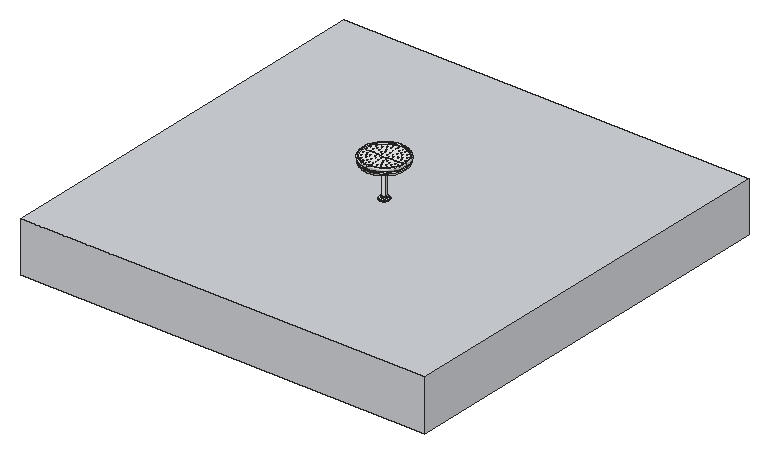
Revit family
Parameters (values of type "Metal-CP-Polished_Chrome")
  Width [instance] = 0' - 10 7/16"
  URL = "http://www.us.kohler.com"
  Showerhead Supply Pipe Radius = 0' 0 1/2"  # 1/2"
  Showerhead Supply Pipe Diameter = Showerhead Supply Pipe Radius * 2  # 1"
  Showerhead Supply = "Showerhead Supply"  # constant formula
  Product Page URL = "http://www.us.kohler.com/onlinecatalog/detail.jsp?prod_num=13693"
  Product Documentation Link = "http://www.us.kohler.com/onlinecatalog/pdf/1142015_4.pdf"
  Model = "K-13693"  # constant formula
  Manufacturer = "Kohler"  # constant formula
  Length [instance] = 0' - 9.21893"
  Height [instance] = 0' - 10 7/16"
  Finish = Metal-Kohler-CP-Polished Chrome
  Description = "10in Traditional round rainhead with Katalyst spray technology"  # constant formula
  Default Elevation = 0' - 0"
  Created By = "http://medialab3dstudio.com"
  Assembly Code = "C1030200"
Reference planes (in)
  plane 1 "Center (Front/Back)": y = 0
  plane 2 "Back": z = 0
  plane 3 "Center (Left/Right)": x = 0
  plane 4 "Left": x = -5.21875
  plane 5 "Right": x = 5.21875
  plane 6 "Top": y = 5.21875
  plane 7 "Bottom": y = -5.21875
  plane 8 "Front": z = 9.21893
Forms (in)
  Extrusion 1, solid
    sketch origin (0, 0, 0) x (1, 0, 0) y (0, 1, 0)
      loop
        line (-48, 48) -> (-48, -48) -> (48, -48) -> (48, 48) -> (-48, 48)
    from 0 to -12
  Extrusion 2, solid, material "Metal-Kohler-CP-Polished Chrome" <- "Finish", not visible
    sketch origin (0, 0, 0) x (1, 0, 0) y (0, 1, 0)
      loop
        circle (0, 0) r 0.5
    from 0 to 0.13239
Dimensions and locks (in)
  equal spacing: plane 4 "Left", plane 3 "Center (Left/Right)", plane 5 "Right", locked at 5.21875 each
  "Width": plane 4 "Left" to plane 5 "Right"
  equal spacing: plane 6 "Top", plane 1 "Center (Front/Back)", plane 7 "Bottom", locked at 5.21875 each
  "Height": plane 6 "Top" to plane 7 "Bottom"
  "Length": plane 8 "Front" to plane 2 "Back"
  "Showerhead Supply Pipe Radius": radius of Extrusion 2 sketch curve
  aligned and locked: plane 2 "Back" to Extrusion 1
  aligned and locked: level to Extrusion 1
Automatic sketch dimensions
  Extrusion 1 sketch curve to Extrusion 1 sketch curve = 8' - 0"  (x2)
  plane 1 "Center (Front/Back)" to Extrusion 2 sketch curve = 0' - 0"
  Extrusion 2 sketch curve to plane 3 "Center (Left/Right)" = 0' - 0"
Nested families (in)
  nested 1: "13693-base" at (0, 0, 0), type "13693-base"
Connectors (in)
  piping at (0, 0, 0), driven by "Showerhead Supply Pipe Radius", driven by "Showerhead Supply"
    settings: on Extrusion 2, index 1, connector radius 1/2", flow factor 0, pipe flow 2.5 GPM, pressure drop 0.00 psi, fitting loss kfactor 0, connector angle 0.00°, fixture units 0, flow configuration 0, flow direction 1, fitting loss method 0, system type 7, connector reference index -1, connector utility 0, adjustable connector yes, is connector primary yes, fitting loss table "", connector description "Showerhead Supply"
Definition of nested family "13693-base"
  Parameters (values of type "13693-base")
    w = 0' - 10 7/16"
    l = 0' - 10 7/16"
    d = 15.00°
    Finish = Metal-Kohler-CP-Polished Chrome
    Assembly Code = ""
  Reference planes (in)
    plane 1 "Center (Front/Back)": y = 0
    plane 2 "Top": z = 0
    plane 3 "Center (Left/Right)": x = 0
    plane 4 "Back": y = 5.21875
    plane 5 "Bottom": z = 9.21893
    plane 6 "Front": y = -5.21875
    plane 7 "Left": x = -5.21875
    plane 8 "Right": x = 5.21875
  Forms (in)
    Revolve 1, solid, material "Metal-Kohler-CP-Polished Chrome" <- "Finish", detail levels fine
      sketch origin (0, 0, 0) x (1, 0, 0) y (0, 0, 1)
        loop
          line (0, 0) -> (0, 8.98595) -> (-4.85058, 8.98595) -> (-4.88473, 9.17853)
          arc (-4.88473, 9.17853) -> (-4.912, 9.20803) -> (-4.95066, 9.21893) r 0.074
          line (-4.95066, 9.21893) -> (-5.02892, 9.21893)
          arc (-5.02892, 9.21893) -> (-5.21528, 8.98286) -> (-5.10859, 8.70165) r 0.30508
          line (-5.10859, 8.70165) -> (-5.11067, 8.38226) -> (-5.13129, 8.35798) -> (-5.12321, 8.17266) -> (-5.08485, 8.15638) -> (-5.05154, 8.15638) -> (-5.0425, 8.02528)
          arc (-5.0425, 8.02528) -> (-4.97739, 7.83063) -> (-4.83066, 7.68711) r 0.43745
          line (-4.83066, 7.68711) -> (-1.16718, 6.99244) -> (-0.911, 6.84126) -> (-0.85695, 6.84126) -> (-0.85695, 6.71126) -> (-0.4342, 6.71126)
          arc (-0.4342, 6.71126) -> (-0.3884, 6.64798) -> (-0.33168, 6.59427) r 0.42051
          arc (-0.33168, 6.59427) -> (-0.31105, 6.53447) -> (-0.34737, 6.48267) r 0.06959
          arc (-0.34737, 6.48267) -> (-0.40752, 6.44788) -> (-0.45457, 6.39676) r 0.23054
          line (-0.45457, 6.39676) -> (-0.45457, 6.27111) -> (-0.47404, 5.66968) -> (-0.49391, 5.64514) -> (-0.49452, 5.5478) -> (-0.48212, 5.51857) -> (-0.40625, 5.51857) -> (-0.40625, 0.68857) -> (-0.55463, 0.68857)
          arc (-0.55463, 0.68857) -> (-0.59423, 0.66979) -> (-0.61033, 0.62902) r 0.05969
          line (-0.61033, 0.62902) -> (-0.61033, 0.37506)
          arc (-0.61033, 0.37506) -> (-0.62521, 0.3209) -> (-0.67086, 0.28818) r 0.08414
          line (-0.67086, 0.28818) -> (-1.09221, 0.16628)
          arc (-1.09221, 0.16628) -> (-1.11018, 0.15258) -> (-1.11901, 0.13178) r 0.04413
          line (-1.11901, 0.13178) -> (-1.11901, 0.03783)
          arc (-1.11901, 0.03783) -> (-1.10635, 0.01266) -> (-1.08117, 0) r 0.04486
          line (-1.08117, 0) -> (0, 0)
        axis (0, 9.21893) -> (0, 0)
      angle from 0 to 360
    Extrusion 2, void
      sketch origin (0, 0, 9.21893) x (-1, 0, 0) y (0, -1, 0)
        loop
          circle (0, 0) r 0.5
      from -9.21893 to -9.05265
    Extrusion 3, solid, material "Metal-Kohler-CP-Polished Chrome" <- "Finish", detail levels coarse+medium
      sketch origin (0, 0, 0) x (1, 0, 0) y (0, 1, 0)
        loop
          line (-5.21875, 5.21875) -> (-5.21875, -5.21875) -> (5.21875, -5.21875) -> (5.21875, 5.21875) -> (-5.21875, 5.21875)
      from 0 to 9.21893
    Extrusion 4, void
      sketch origin (0, 0, 0) x (1, 0, 0) y (0, 1, 0)
        loop
          circle (0, 4.24803) r 0.07254
        loop
          circle (0, 3.40211) r 0.07254
        loop
          circle (0, 2.55231) r 0.07254
        loop
          circle (0, 1.70174) r 0.07254
        loop
          circle (0, 0.84955) r 0.07254
        loop
          circle (0.73573, 0.42478) r 0.07254
        loop
          circle (0.85087, 1.47375) r 0.07254
        loop
          circle (1.27616, 2.21037) r 0.07254
        loop
          circle (1.70105, 2.94631) r 0.07254
        loop
          circle (2.12402, 3.67891) r 0.07254
        loop
          circle (1.09947, 4.10329) r 0.07254
        loop
          circle (0.88053, 3.28619) r 0.07254
        loop
          circle (2.40565, 2.40566) r 0.07254
        loop
          circle (3.00381, 3.00381) r 0.07254
        loop
          circle (3.6789, 2.12402) r 0.07254
        loop
          circle (2.94631, 1.70106) r 0.07254
        loop
          circle (2.21037, 1.27616) r 0.07254
        loop
          circle (1.47374, 0.85087) r 0.07254
        loop
          circle (1.70174, 0) r 0.07254
        loop
          circle (2.55231, 0) r 0.07254
        loop
          circle (3.40211, 0) r 0.07254
        loop
          circle (4.24803, 0) r 0.07254
        loop
          circle (4.10329, -1.09947) r 0.07254
        loop
          circle (3.28619, -0.88053) r 0.07254
        loop
          circle (3.6789, -2.12402) r 0.07254
        loop
          circle (2.94631, -1.70106) r 0.07254
        loop
          circle (2.21037, -1.27616) r 0.07254
        loop
          circle (1.47374, -0.85087) r 0.07254
        loop
          circle (0.73573, -0.42478) r 0.07254
        loop
          circle (0, -0.84955) r 0.07254
        loop
          circle (0.85087, -1.47375) r 0.07254
        loop
          circle (1.27616, -2.21037) r 0.07254
        loop
          circle (1.70105, -2.94631) r 0.07254
        loop
          circle (2.12402, -3.67891) r 0.07254
        loop
          circle (3.00381, -3.00381) r 0.07254
        loop
          circle (2.40565, -2.40566) r 0.07254
        loop
          circle (0.88053, -3.28619) r 0.07254
        loop
          circle (1.09947, -4.10329) r 0.07254
        loop
          circle (0, -4.24803) r 0.07254
        loop
          circle (0, -3.40211) r 0.07254
        loop
          circle (0, -2.55231) r 0.07254
        loop
          circle (0, -1.70174) r 0.07254
        loop
          circle (-0.85087, -1.47375) r 0.07254
        loop
          circle (-1.27616, -2.21037) r 0.07254
        loop
          circle (-1.70105, -2.94631) r 0.07254
        loop
          circle (-2.12402, -3.67891) r 0.07254
        loop
          circle (-1.09947, -4.10329) r 0.07254
        loop
          circle (-0.88053, -3.28619) r 0.07254
        loop
          circle (-3.00381, -3.00381) r 0.07254
        loop
          circle (-2.40565, -2.40566) r 0.07254
        loop
          circle (-3.6789, -2.12402) r 0.07254
        loop
          circle (-2.94631, -1.70106) r 0.07254
        loop
          circle (-2.21037, -1.27616) r 0.07254
        loop
          circle (-1.47374, -0.85087) r 0.07254
        loop
          circle (-0.73573, -0.42478) r 0.07254
        loop
          circle (-3.28619, -0.88053) r 0.07254
        loop
          circle (-4.10329, -1.09947) r 0.07254
        loop
          circle (-4.24803, 0) r 0.07254
        loop
          circle (-3.40211, 0) r 0.07254
        loop
          circle (-2.55231, 0) r 0.07254
        loop
          circle (-1.70174, 0) r 0.07254
        loop
          circle (-3.28619, 0.88053) r 0.07254
        loop
          circle (-4.10329, 1.09947) r 0.07254
        loop
          circle (-3.6789, 2.12402) r 0.07254
        loop
          circle (-2.94631, 1.70106) r 0.07254
        loop
          circle (-2.21037, 1.27616) r 0.07254
        loop
          circle (-1.47374, 0.85087) r 0.07254
        loop
          circle (-0.73573, 0.42478) r 0.07254
        loop
          circle (-0.85087, 1.47375) r 0.07254
        loop
          circle (-1.27616, 2.21037) r 0.07254
        loop
          circle (-1.70105, 2.94631) r 0.07254
        loop
          circle (-2.12402, 3.67891) r 0.07254
        loop
          circle (-3.00381, 3.00381) r 0.07254
        loop
          circle (-2.40565, 2.40566) r 0.07254
        loop
          circle (-0.88053, 3.28619) r 0.07254
        loop
          circle (-1.09947, 4.10329) r 0.07254
        loop
          circle (3.28619, 0.88053) r 0.07254
        loop
          circle (4.10329, 1.09947) r 0.07254
      from 8.70165 to 9.21893
  Cuts and joins
    Extrusion 2, Extrusion 4 cuts Revolve 1
  Lines and regions (in)
    Masking region 1, detail levels coarse
      outline origin (0, 0, 0) x (1, 0, 0) y (0, 1, 0)
        loop
          line (-5.21875, 5.21875) -> (-5.21875, -5.21875) -> (5.21875, -5.21875) -> (5.21875, 5.21875) -> (-5.21875, 5.21875)
    Masking region 2, detail levels medium+fine
      outline origin (0, 0, 0) x (1, 0, 0) y (0, 0, 1)
        loop
          line (0, 0) -> (1.08117, 0)
          arc (1.08117, 0) -> (1.10793, 0.01108) -> (1.11901, 0.03783) r 0.03783
          line (1.11901, 0.03783) -> (1.11901, 0.13289)
          arc (1.11901, 0.13289) -> (1.11148, 0.15429) -> (1.09221, 0.16628) r 0.0342
          line (1.09221, 0.16628) -> (0.67096, 0.28819)
          arc (0.67096, 0.28819) -> (0.62528, 0.3209) -> (0.61033, 0.37506) r 0.08426
          line (0.61033, 0.37506) -> (0.61033, 0.62854)
          arc (0.61033, 0.62854) -> (0.59426, 0.66949) -> (0.55463, 0.68857) r 0.06019
          line (0.55463, 0.68857) -> (0.40625, 0.68857) -> (0.40625, 5.51857) -> (0.48212, 5.51857) -> (0.49452, 5.5478) -> (0.49391, 5.64514) -> (0.47404, 5.66968) -> (0.45457, 6.27111) -> (0.45457, 6.39676)
          arc (0.45457, 6.39676) -> (0.40711, 6.44738) -> (0.34737, 6.48267) r 0.24513
          arc (0.34737, 6.48267) -> (0.31106, 6.53447) -> (0.33168, 6.59427) r 0.0696
          arc (0.33168, 6.59427) -> (0.38863, 6.64778) -> (0.4342, 6.71126) r 0.40385
          line (0.4342, 6.71126) -> (0.85695, 6.71126) -> (0.85695, 6.84126) -> (0.911, 6.84126) -> (1.16718, 6.99244) -> (4.83066, 7.68711)
          arc (4.83066, 7.68711) -> (4.97697, 7.83089) -> (5.0425, 8.02528) r 0.44144
          line (5.0425, 8.02528) -> (5.05154, 8.15638) -> (5.08485, 8.15638) -> (5.12321, 8.17266) -> (5.13129, 8.35798) -> (5.11067, 8.38226) -> (5.10859, 8.70165)
          arc (5.10859, 8.70165) -> (5.21648, 8.98304) -> (5.02892, 9.21893) r 0.30382
          line (5.02892, 9.21893) -> (0, 9.21893) -> (-5.02892, 9.21893)
          arc (-5.02892, 9.21893) -> (-5.21648, 8.98304) -> (-5.10859, 8.70165) r 0.30382
          line (-5.10859, 8.70165) -> (-5.11067, 8.38226) -> (-5.13129, 8.35798) -> (-5.12321, 8.17266) -> (-5.08485, 8.15638) -> (-5.05154, 8.15638) -> (-5.0425, 8.02528)
          arc (-5.0425, 8.02528) -> (-4.97697, 7.83089) -> (-4.83066, 7.68711) r 0.44144
          line (-4.83066, 7.68711) -> (-1.16718, 6.99244) -> (-0.911, 6.84126) -> (-0.85695, 6.84126) -> (-0.85695, 6.71126) -> (-0.4342, 6.71126)
          arc (-0.4342, 6.71126) -> (-0.38863, 6.64778) -> (-0.33168, 6.59427) r 0.40385
          arc (-0.33168, 6.59427) -> (-0.31106, 6.53447) -> (-0.34737, 6.48267) r 0.0696
          arc (-0.34737, 6.48267) -> (-0.40711, 6.44738) -> (-0.45457, 6.39676) r 0.24513
          line (-0.45457, 6.39676) -> (-0.45457, 6.27111) -> (-0.47404, 5.66968) -> (-0.49391, 5.64514) -> (-0.49452, 5.5478) -> (-0.48212, 5.51857) -> (-0.40625, 5.51857) -> (-0.40625, 0.68857) -> (-0.55463, 0.68857)
          arc (-0.55463, 0.68857) -> (-0.59426, 0.66949) -> (-0.61033, 0.62854) r 0.06019
          line (-0.61033, 0.62854) -> (-0.61033, 0.37506)
          arc (-0.61033, 0.37506) -> (-0.62528, 0.3209) -> (-0.67096, 0.28819) r 0.08426
          line (-0.67096, 0.28819) -> (-1.09221, 0.16628)
          arc (-1.09221, 0.16628) -> (-1.11148, 0.15429) -> (-1.11901, 0.13289) r 0.0342
          line (-1.11901, 0.13289) -> (-1.11901, 0.03783)
          arc (-1.11901, 0.03783) -> (-1.10793, 0.01108) -> (-1.08117, 0) r 0.03783
          line (-1.08117, 0) -> (0, 0)
    Masking region 3, detail levels medium+fine
      outline origin (0, 0, 0) x (0, 1, 0) y (0, 0, 1)
        loop
          line (0, 0) -> (1.08131, 0)
          arc (1.08131, 0) -> (1.10781, 0.01097) -> (1.11878, 0.03747) r 0.03747
          line (1.11878, 0.03747) -> (1.11878, 0.13251)
          arc (1.11878, 0.13251) -> (1.11141, 0.15391) -> (1.09244, 0.16623) r 0.03475
          line (1.09244, 0.16623) -> (0.67064, 0.28817)
          arc (0.67064, 0.28817) -> (0.62505, 0.3209) -> (0.61033, 0.37506) r 0.08383
          line (0.61033, 0.37506) -> (0.61033, 0.6313)
          arc (0.61033, 0.6313) -> (0.59355, 0.6718) -> (0.55305, 0.68857) r 0.05728
          line (0.55305, 0.68857) -> (0.40615, 0.68857) -> (0.40615, 5.51857) -> (0.48212, 5.51857) -> (0.49452, 5.5478) -> (0.49452, 5.64514) -> (0.47404, 5.66968) -> (0.45299, 6.27231) -> (0.45299, 6.39594)
          arc (0.45299, 6.39594) -> (0.40644, 6.44723) -> (0.34784, 6.48417) r 0.25626
          arc (0.34784, 6.48417) -> (0.30975, 6.53609) -> (0.33415, 6.59569) r 0.06586
          arc (0.33415, 6.59569) -> (0.38755, 6.64839) -> (0.42848, 6.71126) r 0.34975
          line (0.42848, 6.71126) -> (0.85699, 6.71126) -> (0.85699, 6.84126) -> (0.911, 6.84126) -> (1.16712, 6.9924) -> (4.83069, 7.68707)
          arc (4.83069, 7.68707) -> (4.97761, 7.83075) -> (5.04234, 8.02578) r 0.43573
          line (5.04234, 8.02578) -> (5.05147, 8.15638) -> (5.0847, 8.15638) -> (5.12316, 8.1727) -> (5.13129, 8.35798) -> (5.11057, 8.38218) -> (5.10866, 8.70167)
          arc (5.10866, 8.70167) -> (5.21588, 8.98377) -> (5.02673, 9.21893) r 0.30353
          line (5.02673, 9.21893) -> (0, 9.21893) -> (-5.02673, 9.21893)
          arc (-5.02673, 9.21893) -> (-5.21588, 8.98377) -> (-5.10866, 8.70167) r 0.30353
          line (-5.10866, 8.70167) -> (-5.11057, 8.38218) -> (-5.13129, 8.35798) -> (-5.12316, 8.1727) -> (-5.0847, 8.15638) -> (-5.05147, 8.15638) -> (-5.04234, 8.02578)
          arc (-5.04234, 8.02578) -> (-4.97761, 7.83075) -> (-4.83069, 7.68707) r 0.43573
          line (-4.83069, 7.68707) -> (-1.16712, 6.9924) -> (-0.911, 6.84126) -> (-0.85699, 6.84126) -> (-0.85699, 6.71126) -> (-0.42848, 6.71126)
          arc (-0.42848, 6.71126) -> (-0.38755, 6.64839) -> (-0.33415, 6.59569) r 0.34975
          arc (-0.33415, 6.59569) -> (-0.30975, 6.53609) -> (-0.34784, 6.48417) r 0.06586
          arc (-0.34784, 6.48417) -> (-0.40644, 6.44723) -> (-0.45299, 6.39594) r 0.25626
          line (-0.45299, 6.39594) -> (-0.45299, 6.27231) -> (-0.47404, 5.66968) -> (-0.49452, 5.64514) -> (-0.49452, 5.5478) -> (-0.48212, 5.51857) -> (-0.40615, 5.51857) -> (-0.40615, 0.68857) -> (-0.55305, 0.68857)
          arc (-0.55305, 0.68857) -> (-0.59355, 0.6718) -> (-0.61033, 0.6313) r 0.05728
          line (-0.61033, 0.6313) -> (-0.61033, 0.37506)
          arc (-0.61033, 0.37506) -> (-0.62505, 0.3209) -> (-0.67064, 0.28817) r 0.08383
          line (-0.67064, 0.28817) -> (-1.09244, 0.16623)
          arc (-1.09244, 0.16623) -> (-1.11141, 0.15391) -> (-1.11878, 0.13251) r 0.03475
          line (-1.11878, 0.13251) -> (-1.11878, 0.03747)
          arc (-1.11878, 0.03747) -> (-1.10781, 0.01097) -> (-1.08131, 0) r 0.03747
          line (-1.08131, 0) -> (0, 0)
    Masking region 4, detail levels coarse
      outline origin (0, 0, 0) x (1, 0, 0) y (0, 0, 1)
        loop
          line (-5.21875, 9.21893) -> (-5.21875, 0) -> (5.21875, 0) -> (5.21875, 9.21893) -> (-5.21875, 9.21893)
    Masking region 5, detail levels coarse
      outline origin (0, 0, 0) x (0, 1, 0) y (0, 0, 1)
        loop
          line (5.21875, 9.21893) -> (-5.21875, 9.21893) -> (-5.21875, 0) -> (5.21875, 0) -> (5.21875, 9.21893)
    Masking region 6, detail levels medium+fine
      outline origin (0, 0, 0) x (1, 0, 0) y (0, 1, 0)
        loop
          circle (0, 0) r 5.21875
    symbolic lines, style "Masking Lines", detail levels fine
      curve 1: arc (0.07255, 4.24803, 9.21893) -> (0, 4.17549, 9.21893) -> (-0.07254, 4.24803, 9.21893) r 0.07254
      curve 2: arc (-0.07254, 4.24803, 9.21893) -> (0, 4.32058, 9.21893) -> (0.07255, 4.24803, 9.21893) r 0.07254
      curve 3: arc (0.07255, 3.40211, 9.21893) -> (0, 3.32957, 9.21893) -> (-0.07254, 3.40211, 9.21893) r 0.07254
      curve 4: arc (-0.07254, 3.40211, 9.21893) -> (0, 3.47465, 9.21893) -> (0.07255, 3.40211, 9.21893) r 0.07254
      curve 5: arc (0.07255, 2.55231, 9.21893) -> (0, 2.47977, 9.21893) -> (-0.07254, 2.55231, 9.21893) r 0.07254
      curve 6: arc (-0.07254, 2.55231, 9.21893) -> (0, 2.62486, 9.21893) -> (0.07255, 2.55231, 9.21893) r 0.07254
      curve 7: arc (0.07255, 1.70174, 9.21893) -> (0, 1.62919, 9.21893) -> (-0.07254, 1.70174, 9.21893) r 0.07254
      curve 8: arc (-0.07254, 1.70174, 9.21893) -> (0, 1.77428, 9.21893) -> (0.07255, 1.70174, 9.21893) r 0.07254
      curve 9: arc (-0.07254, 0.84955, 9.21893) -> (0, 0.92209, 9.21893) -> (0.07255, 0.84955, 9.21893) r 0.07254
      curve 10: arc (0.07255, 0.84955, 9.21893) -> (0, 0.777, 9.21893) -> (-0.07254, 0.84955, 9.21893) r 0.07254
      curve 11: line (-1.11901, 0, 0.03783) -> (1.11901, 0, 0.03783)
      curve 12: line (1.09221, 0, 0.16628) -> (-1.09221, 0, 0.16628)
      curve 13: line (-0.61033, 0, 0.37506) -> (0.61033, 0, 0.37506)
      curve 14: line (-0.40625, 0, 0.68857) -> (0.40625, 0, 0.68857)
      curve 15: line (-0.40625, 0, 5.51857) -> (0.40625, 0, 5.51857)
      curve 16: line (-0.49452, 0, 5.5478) -> (0.49452, 0, 5.5478)
      curve 17: line (0.49391, 0, 5.64514) -> (-0.49391, 0, 5.64514)
      curve 18: line (0.47404, 0, 5.66968) -> (-0.47404, 0, 5.66968)
      curve 19: line (0.45457, 0, 6.27111) -> (-0.45457, 0, 6.27111)
      curve 20: line (0.45457, 0, 6.39676) -> (-0.45457, 0, 6.39676)
      curve 21: line (0.34737, 0, 6.48267) -> (-0.34737, 0, 6.48267)
      curve 22: line (0.33168, 0, 6.59427) -> (-0.33168, 0, 6.59427)
      curve 23: line (-0.85695, 0, 6.71126) -> (0.85695, 0, 6.71126)
      curve 24: line (-0.911, 0, 6.84126) -> (0.911, 0, 6.84126)
      curve 25: line (1.16718, 0, 6.99244) -> (-1.16718, 0, 6.99244)
      curve 26: line (4.83066, 0, 7.68711) -> (-4.83066, 0, 7.68711)
      curve 27: line (5.0425, 0, 8.02528) -> (-5.0425, 0, 8.02528)
      curve 28: line (-5.05154, 0, 8.15638) -> (5.05154, 0, 8.15638)
      curve 29: line (5.12321, 0, 8.17266) -> (-5.12321, 0, 8.17266)
      curve 30: line (5.13129, 0, 8.35798) -> (-5.13129, 0, 8.35798)
      curve 31: line (5.11067, 0, 8.38226) -> (-5.11067, 0, 8.38226)
      curve 32: line (5.10859, 0, 8.70165) -> (-5.10859, 0, 8.70165)
      curve 33: line (0, 1.11878, 0.03747) -> (0, -1.11878, 0.03747)
      curve 34: line (0, -1.11878, 0.13251) -> (0, 1.11878, 0.13251)
      curve 35: line (0, 1.09244, 0.16623) -> (0, -1.09244, 0.16623)
      curve 36: line (0, -0.61033, 0.37506) -> (0, 0.61033, 0.37506)
      curve 37: line (0, 0.40615, 0.68857) -> (0, -0.40615, 0.68857)
      curve 38: line (0, 0.40615, 5.51857) -> (0, -0.40615, 5.51857)
      curve 39: line (0, -0.49452, 5.5478) -> (0, 0.49452, 5.5478)
      curve 40: line (0, 0.49452, 5.64514) -> (0, -0.49452, 5.64514)
      curve 41: line (0, -0.47404, 5.66968) -> (0, 0.47404, 5.66968)
      curve 42: line (0, 0.45299, 6.39594) -> (0, -0.45299, 6.39594)
      curve 43: line (0, 0.34784, 6.48417) -> (0, -0.34784, 6.48417)
      curve 44: line (0, 0.33415, 6.59569) -> (0, -0.33415, 6.59569)
      curve 45: line (0, -0.42848, 6.71126) -> (0, 0.42848, 6.71126)
      curve 46: line (0, 0.85699, 6.84126) -> (0, -0.85699, 6.84126)
      curve 47: line (0, 1.16712, 6.9924) -> (0, -1.16712, 6.9924)
      curve 48: line (0, 5.05147, 8.15638) -> (0, -5.05147, 8.15638)
      curve 49: line (0, -5.04234, 8.02578) -> (0, 5.04234, 8.02578)
      curve 50: line (0, 4.83069, 7.68707) -> (0, -4.83069, 7.68707)
      curve 51: line (0, -5.12316, 8.1727) -> (0, 5.12316, 8.1727)
      curve 52: line (0, 5.13129, 8.35798) -> (0, -5.13129, 8.35798)
      curve 53: line (0, -5.11057, 8.38218) -> (0, 5.10406, 8.38218)
      curve 54: line (0, 5.10866, 8.70167) -> (0, -5.10866, 8.70167)
      curve 55: arc (0.07255, -4.24803, 9.21893) -> (0, -4.17549, 9.21893) -> (-0.07254, -4.24803, 9.21893) r 0.07254
      curve 56: arc (-0.07254, -4.24803, 9.21893) -> (0, -4.32058, 9.21893) -> (0.07255, -4.24803, 9.21893) r 0.07254
      curve 57: arc (0.07255, -3.40211, 9.21893) -> (0, -3.32957, 9.21893) -> (-0.07254, -3.40211, 9.21893) r 0.07254
      curve 58: arc (-0.07254, -3.40211, 9.21893) -> (0, -3.47465, 9.21893) -> (0.07255, -3.40211, 9.21893) r 0.07254
      curve 59: arc (0.07255, -2.55231, 9.21893) -> (0, -2.47977, 9.21893) -> (-0.07254, -2.55231, 9.21893) r 0.07254
      curve 60: arc (-0.07254, -2.55231, 9.21893) -> (0, -2.62486, 9.21893) -> (0.07255, -2.55231, 9.21893) r 0.07254
      curve 61: arc (0.07255, -1.70174, 9.21893) -> (0, -1.62919, 9.21893) -> (-0.07254, -1.70174, 9.21893) r 0.07254
      curve 62: arc (-0.07254, -1.70174, 9.21893) -> (0, -1.77428, 9.21893) -> (0.07255, -1.70174, 9.21893) r 0.07254
      curve 63: arc (-0.07254, -0.84955, 9.21893) -> (0, -0.92209, 9.21893) -> (0.07255, -0.84955, 9.21893) r 0.07254
      curve 64: arc (0.07255, -0.84955, 9.21893) -> (0, -0.777, 9.21893) -> (-0.07254, -0.84955, 9.21893) r 0.07254
      curve 65: arc (-4.24803, 0.07254, 9.21893) -> (-4.17549, 0, 9.21893) -> (-4.24803, -0.07254, 9.21893) r 0.07254
      curve 66: arc (-4.24803, -0.07254, 9.21893) -> (-4.32058, 0, 9.21893) -> (-4.24803, 0.07254, 9.21893) r 0.07254
      curve 67: arc (-3.40211, 0.07254, 9.21893) -> (-3.32957, 0, 9.21893) -> (-3.40211, -0.07254, 9.21893) r 0.07254
      curve 68: arc (-3.40211, -0.07254, 9.21893) -> (-3.47465, 0, 9.21893) -> (-3.40211, 0.07254, 9.21893) r 0.07254
      curve 69: arc (-2.55231, 0.07254, 9.21893) -> (-2.47977, 0, 9.21893) -> (-2.55231, -0.07254, 9.21893) r 0.07254
      curve 70: arc (-2.55231, -0.07254, 9.21893) -> (-2.62486, 0, 9.21893) -> (-2.55231, 0.07254, 9.21893) r 0.07254
      curve 71: arc (-1.70174, 0.07255, 9.21893) -> (-1.62919, 0, 9.21893) -> (-1.70174, -0.07254, 9.21893) r 0.07254
      curve 72: arc (-1.70174, -0.07254, 9.21893) -> (-1.77428, 0, 9.21893) -> (-1.70174, 0.07255, 9.21893) r 0.07254
      curve 73: arc (4.24803, 0.07254, 9.21893) -> (4.17549, 0, 9.21893) -> (4.24803, -0.07254, 9.21893) r 0.07254
      curve 74: arc (4.24803, -0.07254, 9.21893) -> (4.32058, 0, 9.21893) -> (4.24803, 0.07254, 9.21893) r 0.07254
      curve 75: arc (3.40211, 0.07254, 9.21893) -> (3.32957, 0, 9.21893) -> (3.40211, -0.07254, 9.21893) r 0.07254
      curve 76: arc (3.40211, -0.07254, 9.21893) -> (3.47465, 0, 9.21893) -> (3.40211, 0.07254, 9.21893) r 0.07254
      curve 77: arc (2.55231, 0.07254, 9.21893) -> (2.47977, 0, 9.21893) -> (2.55231, -0.07254, 9.21893) r 0.07254
      curve 78: arc (2.55231, -0.07254, 9.21893) -> (2.62486, 0, 9.21893) -> (2.55231, 0.07254, 9.21893) r 0.07254
      curve 79: arc (1.70174, 0.07255, 9.21893) -> (1.62919, 0, 9.21893) -> (1.70174, -0.07254, 9.21893) r 0.07254
      curve 80: arc (1.70174, -0.07254, 9.21893) -> (1.77428, 0, 9.21893) -> (1.70174, 0.07255, 9.21893) r 0.07254
      curve 81: arc (-4.08451, 1.16954, 9.21893) -> (-4.03322, 1.0807, 9.21893) -> (-4.12206, 1.0294, 9.21893) r 0.07254
      curve 82: arc (-4.12206, 1.0294, 9.21893) -> (-4.17336, 1.11825, 9.21893) -> (-4.08451, 1.16954, 9.21893) r 0.07254
      curve 83: arc (-3.26741, 0.9506, 9.21893) -> (-3.21611, 0.86176, 9.21893) -> (-3.30496, 0.81046, 9.21893) r 0.07254
      curve 84: arc (-3.30496, 0.81046, 9.21893) -> (-3.35626, 0.89931, 9.21893) -> (-3.26741, 0.9506, 9.21893) r 0.07254
      curve 85: arc (4.08451, 1.16954, 9.21893) -> (4.03322, 1.0807, 9.21893) -> (4.12206, 1.0294, 9.21893) r 0.07254
      curve 86: arc (4.12206, 1.0294, 9.21893) -> (4.17336, 1.11825, 9.21893) -> (4.08451, 1.16954, 9.21893) r 0.07254
      curve 87: arc (3.26741, 0.9506, 9.21893) -> (3.21611, 0.86176, 9.21893) -> (3.30496, 0.81046, 9.21893) r 0.07254
      curve 88: arc (3.30496, 0.81046, 9.21893) -> (3.35626, 0.89931, 9.21893) -> (3.26741, 0.9506, 9.21893) r 0.07254
      curve 89: arc (4.08451, -1.16954, 9.21893) -> (4.03322, -1.0807, 9.21893) -> (4.12206, -1.0294, 9.21893) r 0.07254
      curve 90: arc (4.12206, -1.0294, 9.21893) -> (4.17336, -1.11825, 9.21893) -> (4.08451, -1.16954, 9.21893) r 0.07254
      curve 91: arc (3.26741, -0.9506, 9.21893) -> (3.21611, -0.86176, 9.21893) -> (3.30496, -0.81046, 9.21893) r 0.07254
      curve 92: arc (3.30496, -0.81046, 9.21893) -> (3.35626, -0.89931, 9.21893) -> (3.26741, -0.9506, 9.21893) r 0.07254
      curve 93: arc (-4.08451, -1.16954, 9.21893) -> (-4.03322, -1.0807, 9.21893) -> (-4.12206, -1.0294, 9.21893) r 0.07254
      curve 94: arc (-4.12206, -1.0294, 9.21893) -> (-4.17336, -1.11825, 9.21893) -> (-4.08451, -1.16954, 9.21893) r 0.07254
      curve 95: arc (-3.26741, -0.9506, 9.21893) -> (-3.21611, -0.86176, 9.21893) -> (-3.30496, -0.81046, 9.21893) r 0.07254
      curve 96: arc (-3.30496, -0.81046, 9.21893) -> (-3.35626, -0.89931, 9.21893) -> (-3.26741, -0.9506, 9.21893) r 0.07254
      curve 97: arc (-1.0294, 4.12206, 9.21893) -> (-1.0807, 4.03322, 9.21893) -> (-1.16954, 4.08451, 9.21893) r 0.07254
      curve 98: arc (-1.16954, 4.08451, 9.21893) -> (-1.11825, 4.17336, 9.21893) -> (-1.0294, 4.12206, 9.21893) r 0.07254
      curve 99: arc (-0.81046, 3.30496, 9.21893) -> (-0.86175, 3.21612, 9.21893) -> (-0.9506, 3.26741, 9.21893) r 0.07254
      curve 100: arc (-0.9506, 3.26741, 9.21893) -> (-0.89931, 3.35626, 9.21893) -> (-0.81046, 3.30496, 9.21893) r 0.07254
      curve 101: arc (1.0294, 4.12206, 9.21893) -> (1.0807, 4.03322, 9.21893) -> (1.16954, 4.08451, 9.21893) r 0.07254
      curve 102: arc (1.16954, 4.08451, 9.21893) -> (1.11825, 4.17336, 9.21893) -> (1.0294, 4.12206, 9.21893) r 0.07254
      curve 103: arc (0.81046, 3.30496, 9.21893) -> (0.86175, 3.21612, 9.21893) -> (0.9506, 3.26741, 9.21893) r 0.07254
      curve 104: arc (0.9506, 3.26741, 9.21893) -> (0.89931, 3.35626, 9.21893) -> (0.81046, 3.30496, 9.21893) r 0.07254
      curve 105: arc (1.0294, -4.12206, 9.21893) -> (1.0807, -4.03322, 9.21893) -> (1.16954, -4.08451, 9.21893) r 0.07254
      curve 106: arc (1.16954, -4.08451, 9.21893) -> (1.11825, -4.17336, 9.21893) -> (1.0294, -4.12206, 9.21893) r 0.07254
      curve 107: arc (0.81046, -3.30496, 9.21893) -> (0.86175, -3.21612, 9.21893) -> (0.9506, -3.26741, 9.21893) r 0.07254
      curve 108: arc (0.9506, -3.26741, 9.21893) -> (0.89931, -3.35626, 9.21893) -> (0.81046, -3.30496, 9.21893) r 0.07254
      curve 109: arc (-1.0294, -4.12206, 9.21893) -> (-1.0807, -4.03322, 9.21893) -> (-1.16954, -4.08451, 9.21893) r 0.07254
      curve 110: arc (-1.16954, -4.08451, 9.21893) -> (-1.11825, -4.17336, 9.21893) -> (-1.0294, -4.12206, 9.21893) r 0.07254
      curve 111: arc (-0.81046, -3.30496, 9.21893) -> (-0.86175, -3.21612, 9.21893) -> (-0.9506, -3.26741, 9.21893) r 0.07254
      curve 112: arc (-0.9506, -3.26741, 9.21893) -> (-0.89931, -3.35626, 9.21893) -> (-0.81046, -3.30496, 9.21893) r 0.07254
      curve 113: arc (-2.95252, -3.05511, 9.21893) -> (-2.95252, -2.95252, 9.21893) -> (-3.05511, -2.95252, 9.21893) r 0.07254
      curve 114: arc (-3.05511, -2.95252, 9.21893) -> (-3.05511, -3.05511, 9.21893) -> (-2.95252, -3.05511, 9.21893) r 0.07254
      curve 115: arc (-2.35436, -2.45695, 9.21893) -> (-2.35436, -2.35436, 9.21893) -> (-2.45695, -2.35436, 9.21893) r 0.07254
      curve 116: arc (-2.45695, -2.35436, 9.21893) -> (-2.45695, -2.45695, 9.21893) -> (-2.35436, -2.45695, 9.21893) r 0.07254
      curve 117: arc (-2.95252, 3.05511, 9.21893) -> (-2.95252, 2.95252, 9.21893) -> (-3.05511, 2.95252, 9.21893) r 0.07254
      curve 118: arc (-3.05511, 2.95252, 9.21893) -> (-3.05511, 3.05511, 9.21893) -> (-2.95252, 3.05511, 9.21893) r 0.07254
      curve 119: arc (-2.35436, 2.45695, 9.21893) -> (-2.35436, 2.35436, 9.21893) -> (-2.45695, 2.35436, 9.21893) r 0.07254
      curve 120: arc (-2.45695, 2.35436, 9.21893) -> (-2.45695, 2.45695, 9.21893) -> (-2.35436, 2.45695, 9.21893) r 0.07254
      curve 121: arc (2.95252, 3.05511, 9.21893) -> (2.95252, 2.95252, 9.21893) -> (3.05511, 2.95252, 9.21893) r 0.07254
      curve 122: arc (3.05511, 2.95252, 9.21893) -> (3.05511, 3.05511, 9.21893) -> (2.95252, 3.05511, 9.21893) r 0.07254
      curve 123: arc (2.35436, 2.45695, 9.21893) -> (2.35436, 2.35436, 9.21893) -> (2.45695, 2.35436, 9.21893) r 0.07254
      curve 124: arc (2.45695, 2.35436, 9.21893) -> (2.45695, 2.45695, 9.21893) -> (2.35436, 2.45695, 9.21893) r 0.07254
      curve 125: arc (2.95252, -3.05511, 9.21893) -> (2.95252, -2.95252, 9.21893) -> (3.05511, -2.95252, 9.21893) r 0.07254
      curve 126: arc (3.05511, -2.95252, 9.21893) -> (3.05511, -3.05511, 9.21893) -> (2.95252, -3.05511, 9.21893) r 0.07254
      curve 127: arc (2.35436, -2.45695, 9.21893) -> (2.35436, -2.35436, 9.21893) -> (2.45695, -2.35436, 9.21893) r 0.07254
      curve 128: arc (2.45695, -2.35436, 9.21893) -> (2.45695, -2.45695, 9.21893) -> (2.35436, -2.45695, 9.21893) r 0.07254
      curve 129: arc (2.06119, 3.71518, 9.21893) -> (2.08775, 3.61608, 9.21893) -> (2.18684, 3.64263, 9.21893) r 0.07254
      curve 130: arc (2.18684, 3.64263, 9.21893) -> (2.16029, 3.74173, 9.21893) -> (2.06119, 3.71518, 9.21893) r 0.07254
      curve 131: arc (1.63823, 2.98259, 9.21893) -> (1.66478, 2.88349, 9.21893) -> (1.76388, 2.91004, 9.21893) r 0.07254
      curve 132: arc (1.76388, 2.91004, 9.21893) -> (1.73733, 3.00914, 9.21893) -> (1.63823, 2.98259, 9.21893) r 0.07254
      curve 133: arc (1.21333, 2.24664, 9.21893) -> (1.23988, 2.14755, 9.21893) -> (1.33898, 2.1741, 9.21893) r 0.07254
      curve 134: arc (1.33898, 2.1741, 9.21893) -> (1.31243, 2.27319, 9.21893) -> (1.21333, 2.24664, 9.21893) r 0.07254
      curve 135: arc (0.78804, 1.51002, 9.21893) -> (0.81459, 1.41092, 9.21893) -> (0.91369, 1.43748, 9.21893) r 0.07254
      curve 136: arc (0.91369, 1.43748, 9.21893) -> (0.88714, 1.53657, 9.21893) -> (0.78804, 1.51002, 9.21893) r 0.07254
      curve 137: arc (-2.06119, 3.71518, 9.21893) -> (-2.08775, 3.61608, 9.21893) -> (-2.18684, 3.64263, 9.21893) r 0.07254
      curve 138: arc (-2.18684, 3.64263, 9.21893) -> (-2.16029, 3.74173, 9.21893) -> (-2.06119, 3.71518, 9.21893) r 0.07254
      curve 139: arc (-1.63823, 2.98259, 9.21893) -> (-1.66478, 2.88349, 9.21893) -> (-1.76388, 2.91004, 9.21893) r 0.07254
      curve 140: arc (-1.76388, 2.91004, 9.21893) -> (-1.73733, 3.00914, 9.21893) -> (-1.63823, 2.98259, 9.21893) r 0.07254
      curve 141: arc (-1.21333, 2.24664, 9.21893) -> (-1.23988, 2.14755, 9.21893) -> (-1.33898, 2.1741, 9.21893) r 0.07254
      curve 142: arc (-1.33898, 2.1741, 9.21893) -> (-1.31243, 2.27319, 9.21893) -> (-1.21333, 2.24664, 9.21893) r 0.07254
      curve 143: arc (-0.78804, 1.51002, 9.21893) -> (-0.81459, 1.41092, 9.21893) -> (-0.91369, 1.43748, 9.21893) r 0.07254
      curve 144: arc (-0.91369, 1.43748, 9.21893) -> (-0.88714, 1.53657, 9.21893) -> (-0.78804, 1.51002, 9.21893) r 0.07254
      curve 145: arc (-2.06119, -3.71518, 9.21893) -> (-2.08775, -3.61608, 9.21893) -> (-2.18684, -3.64263, 9.21893) r 0.07254
      curve 146: arc (-2.18684, -3.64263, 9.21893) -> (-2.16029, -3.74173, 9.21893) -> (-2.06119, -3.71518, 9.21893) r 0.07254
      curve 147: arc (-1.63823, -2.98259, 9.21893) -> (-1.66478, -2.88349, 9.21893) -> (-1.76388, -2.91004, 9.21893) r 0.07254
      curve 148: arc (-1.76388, -2.91004, 9.21893) -> (-1.73733, -3.00914, 9.21893) -> (-1.63823, -2.98259, 9.21893) r 0.07254
      curve 149: arc (-1.21333, -2.24664, 9.21893) -> (-1.23988, -2.14755, 9.21893) -> (-1.33898, -2.1741, 9.21893) r 0.07254
      curve 150: arc (-1.33898, -2.1741, 9.21893) -> (-1.31243, -2.27319, 9.21893) -> (-1.21333, -2.24664, 9.21893) r 0.07254
      curve 151: arc (-0.78804, -1.51002, 9.21893) -> (-0.81459, -1.41092, 9.21893) -> (-0.91369, -1.43748, 9.21893) r 0.07254
      curve 152: arc (-0.91369, -1.43748, 9.21893) -> (-0.88714, -1.53657, 9.21893) -> (-0.78804, -1.51002, 9.21893) r 0.07254
      curve 153: arc (2.06119, -3.71518, 9.21893) -> (2.08775, -3.61608, 9.21893) -> (2.18684, -3.64263, 9.21893) r 0.07254
      curve 154: arc (2.18684, -3.64263, 9.21893) -> (2.16029, -3.74173, 9.21893) -> (2.06119, -3.71518, 9.21893) r 0.07254
      curve 155: arc (1.63823, -2.98259, 9.21893) -> (1.66478, -2.88349, 9.21893) -> (1.76388, -2.91004, 9.21893) r 0.07254
      curve 156: arc (1.76388, -2.91004, 9.21893) -> (1.73733, -3.00914, 9.21893) -> (1.63823, -2.98259, 9.21893) r 0.07254
      curve 157: arc (1.21333, -2.24664, 9.21893) -> (1.23988, -2.14755, 9.21893) -> (1.33898, -2.1741, 9.21893) r 0.07254
      curve 158: arc (1.33898, -2.1741, 9.21893) -> (1.31243, -2.27319, 9.21893) -> (1.21333, -2.24664, 9.21893) r 0.07254
      curve 159: arc (0.78804, -1.51002, 9.21893) -> (0.81459, -1.41092, 9.21893) -> (0.91369, -1.43748, 9.21893) r 0.07254
      curve 160: arc (0.91369, -1.43748, 9.21893) -> (0.88714, -1.53657, 9.21893) -> (0.78804, -1.51002, 9.21893) r 0.07254
      curve 161: arc (-3.64263, 2.18684, 9.21893) -> (-3.61608, 2.08775, 9.21893) -> (-3.71517, 2.0612, 9.21893) r 0.07254
      curve 162: arc (-3.71517, 2.0612, 9.21893) -> (-3.74173, 2.16029, 9.21893) -> (-3.64263, 2.18684, 9.21893) r 0.07254
      curve 163: arc (-2.91004, 1.76388, 9.21893) -> (-2.88349, 1.66479, 9.21893) -> (-2.98258, 1.63824, 9.21893) r 0.07254
      curve 164: arc (-2.98258, 1.63824, 9.21893) -> (-3.00913, 1.73733, 9.21893) -> (-2.91004, 1.76388, 9.21893) r 0.07254
      curve 165: arc (-2.17409, 1.33898, 9.21893) -> (-2.14754, 1.23989, 9.21893) -> (-2.24664, 1.21334, 9.21893) r 0.07254
      curve 166: arc (-2.24664, 1.21334, 9.21893) -> (-2.27319, 1.31243, 9.21893) -> (-2.17409, 1.33898, 9.21893) r 0.07254
      curve 167: arc (-1.43747, 0.9137, 9.21893) -> (-1.41092, 0.8146, 9.21893) -> (-1.51002, 0.78805, 9.21893) r 0.07254
      curve 168: arc (-1.51002, 0.78805, 9.21893) -> (-1.53657, 0.88714, 9.21893) -> (-1.43747, 0.9137, 9.21893) r 0.07254
      curve 169: arc (-0.772, 0.36195, 9.21893) -> (-0.79855, 0.46105, 9.21893) -> (-0.69946, 0.4876, 9.21893) r 0.07254
      curve 170: arc (-0.69946, 0.4876, 9.21893) -> (-0.6729, 0.38851, 9.21893) -> (-0.772, 0.36195, 9.21893) r 0.07254
      curve 171: arc (3.64263, 2.18684, 9.21893) -> (3.61608, 2.08775, 9.21893) -> (3.71517, 2.0612, 9.21893) r 0.07254
      curve 172: arc (3.71517, 2.0612, 9.21893) -> (3.74173, 2.16029, 9.21893) -> (3.64263, 2.18684, 9.21893) r 0.07254
      curve 173: arc (2.91004, 1.76388, 9.21893) -> (2.88349, 1.66479, 9.21893) -> (2.98258, 1.63824, 9.21893) r 0.07254
      curve 174: arc (2.98258, 1.63824, 9.21893) -> (3.00913, 1.73733, 9.21893) -> (2.91004, 1.76388, 9.21893) r 0.07254
      curve 175: arc (2.17409, 1.33898, 9.21893) -> (2.14754, 1.23989, 9.21893) -> (2.24664, 1.21334, 9.21893) r 0.07254
      curve 176: arc (2.24664, 1.21334, 9.21893) -> (2.27319, 1.31243, 9.21893) -> (2.17409, 1.33898, 9.21893) r 0.07254
      curve 177: arc (1.43747, 0.9137, 9.21893) -> (1.41092, 0.8146, 9.21893) -> (1.51002, 0.78805, 9.21893) r 0.07254
      curve 178: arc (1.51002, 0.78805, 9.21893) -> (1.53657, 0.88714, 9.21893) -> (1.43747, 0.9137, 9.21893) r 0.07254
      curve 179: arc (0.772, 0.36195, 9.21893) -> (0.79855, 0.46105, 9.21893) -> (0.69946, 0.4876, 9.21893) r 0.07254
      curve 180: arc (0.69946, 0.4876, 9.21893) -> (0.6729, 0.38851, 9.21893) -> (0.772, 0.36195, 9.21893) r 0.07254
      curve 181: arc (3.64263, -2.18684, 9.21893) -> (3.61608, -2.08775, 9.21893) -> (3.71517, -2.0612, 9.21893) r 0.07254
      curve 182: arc (3.71517, -2.0612, 9.21893) -> (3.74173, -2.16029, 9.21893) -> (3.64263, -2.18684, 9.21893) r 0.07254
      curve 183: arc (2.91004, -1.76388, 9.21893) -> (2.88349, -1.66479, 9.21893) -> (2.98258, -1.63824, 9.21893) r 0.07254
      curve 184: arc (2.98258, -1.63824, 9.21893) -> (3.00913, -1.73733, 9.21893) -> (2.91004, -1.76388, 9.21893) r 0.07254
      curve 185: arc (2.17409, -1.33898, 9.21893) -> (2.14754, -1.23989, 9.21893) -> (2.24664, -1.21334, 9.21893) r 0.07254
      curve 186: arc (2.24664, -1.21334, 9.21893) -> (2.27319, -1.31243, 9.21893) -> (2.17409, -1.33898, 9.21893) r 0.07254
      curve 187: arc (1.43747, -0.9137, 9.21893) -> (1.41092, -0.8146, 9.21893) -> (1.51002, -0.78805, 9.21893) r 0.07254
      curve 188: arc (1.51002, -0.78805, 9.21893) -> (1.53657, -0.88714, 9.21893) -> (1.43747, -0.9137, 9.21893) r 0.07254
      curve 189: arc (0.772, -0.36195, 9.21893) -> (0.79855, -0.46105, 9.21893) -> (0.69946, -0.4876, 9.21893) r 0.07254
      curve 190: arc (0.69946, -0.4876, 9.21893) -> (0.6729, -0.38851, 9.21893) -> (0.772, -0.36195, 9.21893) r 0.07254
      curve 193: arc (-3.64263, -2.18684, 9.21893) -> (-3.61608, -2.08775, 9.21893) -> (-3.71517, -2.0612, 9.21893) r 0.07254
      curve 194: arc (-3.71517, -2.0612, 9.21893) -> (-3.74173, -2.16029, 9.21893) -> (-3.64263, -2.18684, 9.21893) r 0.07254
      curve 195: arc (-2.91004, -1.76388, 9.21893) -> (-2.88349, -1.66479, 9.21893) -> (-2.98258, -1.63824, 9.21893) r 0.07254
      curve 196: arc (-2.98258, -1.63824, 9.21893) -> (-3.00913, -1.73733, 9.21893) -> (-2.91004, -1.76388, 9.21893) r 0.07254
      curve 197: arc (-2.17409, -1.33898, 9.21893) -> (-2.14754, -1.23989, 9.21893) -> (-2.24664, -1.21334, 9.21893) r 0.07254
      curve 198: arc (-2.24664, -1.21334, 9.21893) -> (-2.27319, -1.31243, 9.21893) -> (-2.17409, -1.33898, 9.21893) r 0.07254
      curve 199: arc (-1.43747, -0.9137, 9.21893) -> (-1.41092, -0.8146, 9.21893) -> (-1.51002, -0.78805, 9.21893) r 0.07254
      curve 200: arc (-1.51002, -0.78805, 9.21893) -> (-1.53657, -0.88714, 9.21893) -> (-1.43747, -0.9137, 9.21893) r 0.07254
      curve 201: arc (-0.772, -0.36195, 9.21893) -> (-0.79855, -0.46105, 9.21893) -> (-0.69946, -0.4876, 9.21893) r 0.07254
      curve 202: arc (-0.69946, -0.4876, 9.21893) -> (-0.6729, -0.38851, 9.21893) -> (-0.772, -0.36195, 9.21893) r 0.07254
    symbolic lines, style "Masking Lines", detail levels medium+fine
      curve 191: circle (0, 0, 0) r 4.85463 normal (0, 0, 1)
      curve 192: circle (0, 0, 0) r 4.94492 normal (0, 0, 1)
  Dimensions and locks (in)
    equal spacing: plane 7 "Left", plane 3 "Center (Left/Right)", plane 8 "Right"
    equal spacing: plane 4 "Back", plane 1 "Center (Front/Back)", plane 6 "Front"
    "w": plane 7 "Left" to plane 8 "Right"
    "l": plane 4 "Back" to plane 6 "Front"
    plane 5 "Bottom" to plane 2 "Top" = 0' - 9.21893"
    aligned and locked: plane 2 "Top" to level
  Automatic sketch dimensions
    Masking region 1 sketch curve to plane 3 "Center (Left/Right)" = 0' - 5 7/32"
    plane 3 "Center (Left/Right)" to Masking region 1 sketch curve = 0' - 5 7/32"
    plane 1 "Center (Front/Back)" to Masking region 1 sketch curve = 0' - 5 7/32"
    Masking region 1 sketch curve to plane 4 "Back" = 0' - 0"
    Masking region 2 sketch curve to plane 5 "Bottom" = 0' - 0"
    Masking region 2 sketch curve to level = 0' - 0"
    Masking region 2 sketch curve to plane 3 "Center (Left/Right)" = 0' - 0"  (x2)
    Masking region 2 sketch curve to plane 3 "Center (Left/Right)" = 0' - 0.08489"
    Masking region 2 sketch curve to plane 3 "Center (Left/Right)" = 0' - 0.25382"
    Masking region 2 sketch curve to plane 3 "Center (Left/Right)" = 0' - 0.33168"
    Masking region 2 sketch curve to Masking region 2 sketch curve = 0' - 0.01568"  (x2)
    Masking region 2 sketch curve to Masking region 2 sketch curve = 0' - 0.0483"  (x2)
    Masking region 2 sketch curve to plane 3 "Center (Left/Right)" = 0' - 0 13/32"
    Masking region 2 sketch curve to Masking region 2 sketch curve = 0' - 0.10252"  (x2)
    Masking region 2 sketch curve to Masking region 2 sketch curve = 0' - 0.20075"
    Masking region 2 sketch curve to Masking region 2 sketch curve = 0' - 0.06779"  (x2)
    Masking region 2 sketch curve to Masking region 2 sketch curve = 0' - 0.07587"  (x2)
    Masking region 2 sketch curve to Masking region 2 sketch curve = 0' - 0.01988"  (x2)
    Masking region 2 sketch curve to Masking region 2 sketch curve = 0' - 0.01241"  (x2)
    Masking region 2 sketch curve to Masking region 2 sketch curve = 0' - 0.14388"  (x2)
    Masking region 2 sketch curve to Masking region 2 sketch curve = 0' - 0.0045"  (x2)
    Masking region 2 sketch curve to Masking region 2 sketch curve = 0' - 0.06019"  (x2)
    Masking region 2 sketch curve to Masking region 2 sketch curve = 0' - 0.06063"  (x2)
    Masking region 2 sketch curve to Masking region 2 sketch curve = 0' - 0 3/128"
    Masking region 2 sketch curve to Masking region 2 sketch curve = 0' - 0.42276"  (x2)
    Masking region 2 sketch curve to Masking region 2 sketch curve = 0' - 0.05404"  (x2)
    Masking region 2 sketch curve to Masking region 2 sketch curve = 0' - 0.41022"  (x2)
    Masking region 2 sketch curve to Masking region 2 sketch curve = 0' - 0.00363"
    Masking region 2 sketch curve to Masking region 2 sketch curve = 0' - 0.00741"  (x2)
    Masking region 2 sketch curve to Masking region 2 sketch curve = 0' - 0.0342"  (x2)
    Masking region 2 sketch curve to Masking region 2 sketch curve = 0' - 0.25618"  (x2)
    plane 7 "Left" to Masking region 2 sketch curve = 0' - 0.61587"
    plane 7 "Left" to Masking region 2 sketch curve = 0' - 0.38809"
    plane 7 "Left" to Masking region 2 sketch curve = 0' - 0.30255"
    plane 7 "Left" to Masking region 2 sketch curve = 0' - 0.18983"
    plane 7 "Left" to Masking region 2 sketch curve = 0' - 0.17625"
    Masking region 2 sketch curve to Masking region 2 sketch curve = 0' - 0.00904"  (x2)
    Masking region 2 sketch curve to Masking region 2 sketch curve = 0' - 0.03331"  (x2)
    plane 7 "Left" to Masking region 2 sketch curve = 0' - 0.11016"
    plane 7 "Left" to Masking region 2 sketch curve = 0' - 0.10808"
    Masking region 2 sketch curve to Masking region 2 sketch curve = 0' - 0.03836"  (x2)
    Masking region 2 sketch curve to Masking region 2 sketch curve = 0' - 0.02062"  (x2)
    plane 3 "Center (Left/Right)" to Masking region 2 sketch curve = 0' - 0.08489"
    plane 3 "Center (Left/Right)" to Masking region 2 sketch curve = 0' - 0.25382"
    plane 3 "Center (Left/Right)" to Masking region 2 sketch curve = 0' - 0.33168"
    plane 3 "Center (Left/Right)" to Masking region 2 sketch curve = 0' - 0 13/32"
    Masking region 2 sketch curve to Masking region 2 sketch curve = 0' - 0.1072"
    level to Masking region 2 sketch curve = 0' - 0.28819"  (x2)
    Masking region 2 sketch curve to Masking region 2 sketch curve = 0' - 0.08405"
    level to Masking region 2 sketch curve = 0' - 0.03783"
    level to Masking region 2 sketch curve = 0' - 0.16628"
    Masking region 2 sketch curve to plane 8 "Right" = 0' - 0.61587"
    Masking region 2 sketch curve to plane 8 "Right" = 0' - 0.38809"
    Masking region 2 sketch curve to plane 8 "Right" = 0' - 0.30255"
    Masking region 2 sketch curve to plane 8 "Right" = 0' - 0.18983"
    Masking region 2 sketch curve to plane 8 "Right" = 0' - 0.17625"
    Masking region 2 sketch curve to plane 8 "Right" = 0' - 0.11016"
    Masking region 2 sketch curve to plane 8 "Right" = 0' - 0.10808"
    Masking region 2 sketch curve to Masking region 2 sketch curve = 0' - 0.09505"
    Masking region 2 sketch curve to Masking region 2 sketch curve = 0' - 0.08094"  (x2)
    Masking region 2 sketch curve to Masking region 2 sketch curve = 0' - 0.25348"  (x2)
    Masking region 2 sketch curve to plane 5 "Bottom" = 0' - 3.70036"
    Masking region 2 sketch curve to Masking region 2 sketch curve = 0' - 0"  (x2)
    Masking region 2 sketch curve to Masking region 2 sketch curve = 0' - 0.02923"  (x2)
    Masking region 2 sketch curve to Masking region 2 sketch curve = 0' - 0.09733"  (x2)
    Masking region 2 sketch curve to Masking region 2 sketch curve = 0' - 0.02455"  (x2)
    Masking region 2 sketch curve to Masking region 2 sketch curve = 0' - 0.58641"
    Masking region 2 sketch curve to Masking region 2 sketch curve = 0' - 0.01501"  (x2)
    Masking region 2 sketch curve to Masking region 2 sketch curve = 0' - 0.12564"  (x2)
    Masking region 2 sketch curve to Masking region 2 sketch curve = 0' - 0.06149"  (x2)
    Masking region 2 sketch curve to Masking region 2 sketch curve = 0' - 0.11699"
    Masking region 2 sketch curve to Masking region 2 sketch curve = 0' - 0.1671"
    Masking region 2 sketch curve to Masking region 2 sketch curve = 0' - 0.13"  (x2)
    Masking region 2 sketch curve to Masking region 2 sketch curve = 0' - 0.15118"  (x2)
    Masking region 2 sketch curve to plane 5 "Bottom" = 0' - 1.53182"  (x2)
    Masking region 2 sketch curve to Masking region 2 sketch curve = 0' - 0.33817"  (x2)
    Masking region 2 sketch curve to Masking region 2 sketch curve = 0' - 0.1311"  (x2)
    Masking region 2 sketch curve to Masking region 2 sketch curve = 0' - 0.01628"  (x2)
    Masking region 2 sketch curve to Masking region 2 sketch curve = 0' - 0.18532"  (x2)
    Masking region 2 sketch curve to Masking region 2 sketch curve = 0' - 0.02428"  (x2)
    Masking region 2 sketch curve to Masking region 2 sketch curve = 0' - 0.31939"  (x2)
    Masking region 3 sketch curve to plane 5 "Bottom" = 0' - 0"
    Masking region 3 sketch curve to level = 0' - 0"
    Masking region 3 sketch curve to plane 1 "Center (Front/Back)" = 0' - 0"  (x2)
    plane 1 "Center (Front/Back)" to Masking region 3 sketch curve = 0' - 0.11659"
    plane 1 "Center (Front/Back)" to Masking region 3 sketch curve = 0' - 0.24171"
    plane 1 "Center (Front/Back)" to Masking region 3 sketch curve = 0' - 0.33415"
    Masking region 3 sketch curve to Masking region 3 sketch curve = 0' - 0"  (x6)
    Masking region 3 sketch curve to Masking region 3 sketch curve = 0' - 0.01369"  (x2)
    Masking region 3 sketch curve to Masking region 3 sketch curve = 0' - 0.02728"
    plane 1 "Center (Front/Back)" to Masking region 3 sketch curve = 0' - 0.40615"
    Masking region 3 sketch curve to Masking region 3 sketch curve = 0' - 0.09433"  (x2)
    Masking region 3 sketch curve to Masking region 3 sketch curve = 0' - 0.21128"
    Masking region 3 sketch curve to Masking region 3 sketch curve = 0' - 0.06789"  (x2)
    Masking region 3 sketch curve to Masking region 3 sketch curve = 0' - 0.07597"  (x2)
    Masking region 3 sketch curve to Masking region 3 sketch curve = 0' - 0.01241"
    Masking region 3 sketch curve to Masking region 3 sketch curve = 0' - 0.1469"  (x2)
    Masking region 3 sketch curve to Masking region 3 sketch curve = 0' - 0.05728"  (x2)
    level to Masking region 3 sketch curve = 0' - 0.28817"  (x2)
    Masking region 3 sketch curve to Masking region 3 sketch curve = 0' - 0.06031"  (x2)
    Masking region 3 sketch curve to Masking region 3 sketch curve = 0' - 0.02328"
    Masking region 3 sketch curve to Masking region 3 sketch curve = 0' - 0.42852"  (x2)
    Masking region 3 sketch curve to Masking region 3 sketch curve = 0' - 0.054"  (x2)
    level to Masking region 3 sketch curve = 0' - 0.03747"
    Masking region 3 sketch curve to Masking region 3 sketch curve = 0' - 0.41067"  (x2)
    Masking region 3 sketch curve to Masking region 3 sketch curve = 0' - 0.03475"  (x2)
    level to Masking region 3 sketch curve = 0' - 0.16623"
    Masking region 3 sketch curve to Masking region 3 sketch curve = 0' - 0.00841"  (x2)
    Masking region 3 sketch curve to Masking region 3 sketch curve = 0' - 0.25612"  (x2)
    plane 6 "Front" to Masking region 3 sketch curve = 0' - 0.61066"
    plane 6 "Front" to Masking region 3 sketch curve = 0' - 0.38806"
    plane 6 "Front" to Masking region 3 sketch curve = 0' - 0.30266"
    plane 6 "Front" to Masking region 3 sketch curve = 0' - 0.19202"
    plane 6 "Front" to Masking region 3 sketch curve = 0' - 0.17641"
    Masking region 3 sketch curve to Masking region 3 sketch curve = 0' - 0.00913"  (x2)
    Masking region 3 sketch curve to Masking region 3 sketch curve = 0' - 0.03323"  (x2)
    plane 6 "Front" to Masking region 3 sketch curve = 0' - 0.11009"
    plane 6 "Front" to Masking region 3 sketch curve = 0' - 0.10818"
    Masking region 3 sketch curve to Masking region 3 sketch curve = 0' - 0.03845"  (x2)
    Masking region 3 sketch curve to Masking region 3 sketch curve = 0' - 0.02073"  (x2)
    Masking region 3 sketch curve to plane 1 "Center (Front/Back)" = 0' - 0.11659"
    Masking region 3 sketch curve to plane 1 "Center (Front/Back)" = 0' - 0.24171"
    Masking region 3 sketch curve to plane 1 "Center (Front/Back)" = 0' - 0.33415"
    Masking region 3 sketch curve to Masking region 3 sketch curve = 0' - 0.04097"
    Masking region 3 sketch curve to plane 1 "Center (Front/Back)" = 0' - 0.40615"
    Masking region 3 sketch curve to Masking region 3 sketch curve = 0' - 0.10515"
    Masking region 3 sketch curve to Masking region 3 sketch curve = 0' - 0.02049"
    Masking region 3 sketch curve to Masking region 3 sketch curve = 0' - 0.08359"
    Masking region 3 sketch curve to Masking region 3 sketch curve = 0' - 0.00272"
    Masking region 3 sketch curve to plane 4 "Back" = 0' - 0.61066"
    Masking region 3 sketch curve to plane 4 "Back" = 0' - 0.38806"
    Masking region 3 sketch curve to plane 4 "Back" = 0' - 0.30266"
    Masking region 3 sketch curve to plane 4 "Back" = 0' - 0.19202"
    Masking region 3 sketch curve to plane 4 "Back" = 0' - 0.17641"
    Masking region 3 sketch curve to plane 4 "Back" = 0' - 0.11009"
    Masking region 3 sketch curve to plane 4 "Back" = 0' - 0.10818"
    Masking region 3 sketch curve to Masking region 3 sketch curve = 0' - 0.09505"
    Masking region 3 sketch curve to Masking region 3 sketch curve = 0' - 0.08054"  (x2)
    Masking region 3 sketch curve to Masking region 3 sketch curve = 0' - 0.25623"  (x2)
    Masking region 3 sketch curve to plane 5 "Bottom" = 0' - 3.70036"
    Masking region 3 sketch curve to Masking region 3 sketch curve = 0' - 0.02923"  (x2)
    Masking region 3 sketch curve to Masking region 3 sketch curve = 0' - 0.09733"  (x2)
    Masking region 3 sketch curve to Masking region 3 sketch curve = 0' - 0.02455"  (x2)
    Masking region 3 sketch curve to Masking region 3 sketch curve = 0' - 0.58124"
    Masking region 3 sketch curve to Masking region 3 sketch curve = 0' - 0.02139"  (x2)
    Masking region 3 sketch curve to Masking region 3 sketch curve = 0' - 0.12363"  (x2)
    Masking region 3 sketch curve to Masking region 3 sketch curve = 0' - 0.13"  (x2)
    Masking region 3 sketch curve to Masking region 3 sketch curve = 0' - 0.15114"  (x2)
    Masking region 3 sketch curve to plane 5 "Bottom" = 0' - 1.53186"  (x2)
    Masking region 3 sketch curve to Masking region 3 sketch curve = 0' - 0.33871"  (x2)
    Masking region 3 sketch curve to Masking region 3 sketch curve = 0' - 0.1306"  (x2)
    Masking region 3 sketch curve to Masking region 3 sketch curve = 0' - 0.01632"  (x2)
    Masking region 3 sketch curve to Masking region 3 sketch curve = 0' - 0.18528"  (x2)
    Masking region 3 sketch curve to Masking region 3 sketch curve = 0' - 0.02421"  (x2)
    Masking region 3 sketch curve to Masking region 3 sketch curve = 0' - 0.31949"  (x2)
    plane 6 "Front" to curve 52 = 0' - 0.08746"
    plane 6 "Front" to curve 51 = 0' - 0.09559"
    curve 52 to curve 53 = 0' - 0.02073"
    plane 6 "Front" to curve 54 = 0' - 0.11009"
    curve 51 to curve 48 = 0' - 0.07169"
    curve 48 to curve 49 = 0' - 0.00913"
    plane 6 "Front" to curve 50 = 0' - 0.38806"
    plane 1 "Center (Front/Back)" to curve 47 = 0' - 1.16712"
    level to curve 34 = 0' - 0.13251"
    plane 1 "Center (Front/Back)" to curve 34 = 0' - 1.11878"
    level to curve 33 = 0' - 0.03747"
    curve 33 to curve 34 = 0' - 0"
    curve 34 to curve 35 = 0' - 0.02634"
    curve 47 to curve 46 = 0' - 0.31013"
    curve 35 to curve 36 = 0' - 0.48211"
    plane 1 "Center (Front/Back)" to curve 40 = 0' - 0.49452"
    curve 39 to curve 40 = 0' - 0"
    curve 40 to curve 41 = 0' - 0.02049"
    plane 1 "Center (Front/Back)" to curve 42 = 0' - 0.45299"
    curve 42 to curve 45 = 0' - 0.02452"
    curve 36 to curve 37 = 0' - 0.20418"
    curve 39 to curve 38 = 0' - 0.08837"
    curve 42 to curve 43 = 0' - 0.10515"
    curve 43 to curve 44 = 0' - 0.01369"
    curve 44 to plane 1 "Center (Front/Back)" = 0' - 0.33415"
    curve 44 to curve 43 = 0' - 0.01369"
    curve 38 to plane 1 "Center (Front/Back)" = 0' - 0.40615"
    curve 37 to plane 1 "Center (Front/Back)" = 0' - 0.40615"
    curve 44 to curve 45 = 0' - 0.09433"
    curve 43 to curve 42 = 0' - 0.10515"
    curve 38 to curve 41 = 0' - 0.06789"
    curve 38 to curve 39 = 0' - 0.08837"
    curve 41 to curve 40 = 0' - 0.02049"
    curve 37 to curve 36 = 0' - 0.20418"
    curve 45 to curve 46 = 0' - 0.42852"
    level to curve 35 = 0' - 0.16623"
    curve 36 to curve 35 = 0' - 0.48211"
    curve 35 to curve 33 = 0' - 0.02634"
    curve 35 to curve 34 = 0' - 0.02634"
    curve 46 to curve 47 = 0' - 0.31013"
    curve 50 to plane 4 "Back" = 0' - 0.38806"
    curve 49 to plane 4 "Back" = 0' - 0.17641"
    curve 49 to curve 48 = 0' - 0.00913"
    curve 53 to plane 4 "Back" = 0' - 0.11469"
    curve 54 to plane 4 "Back" = 0' - 0.11009"
    curve 48 to curve 51 = 0' - 0.07169"
    curve 53 to curve 52 = 0' - 0.02723"
    level to curve 36 = 0' - 0.37506"
    curve 36 to curve 37 = 0' - 0.31351"
    curve 38 to plane 5 "Bottom" = 0' - 3.70036"
    curve 38 to curve 39 = 0' - 0.02923"
    curve 39 to curve 40 = 0' - 0.09733"
    curve 40 to curve 41 = 0' - 0.02455"
    curve 41 to curve 42 = 0' - 0.72626"
    curve 42 to curve 43 = 0' - 0.08823"
